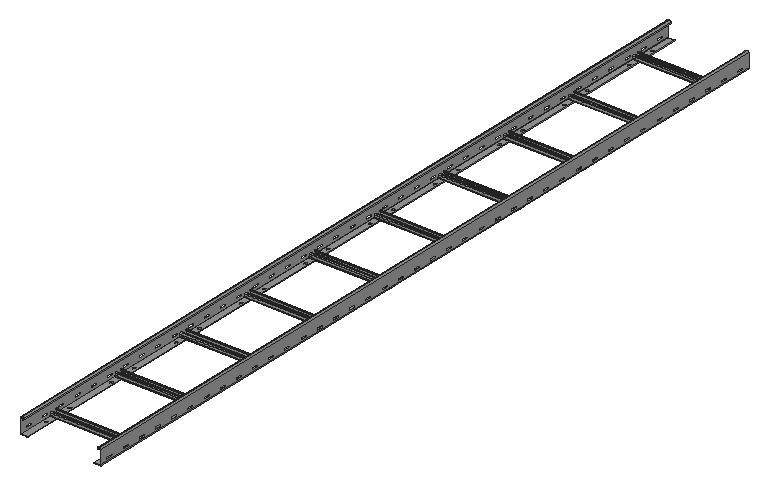
Revit family "Kabelleiter- LG630 VS 3 FS, FT, FT SO", category Generic Models, Revit 2017 (continued)
Dimensions and locks
  cut or joined group 1 (Extrusion 1, Extrusion 2, Extrusion 3, Extrusion 4, Extrusion 5, Extrusion 6, Extrusion 7, Extrusion 8, Extrusion 9, Extrusion 10, Extrusion 11, Extrusion 12, Extrusion 13, Extrusion 14, Extrusion 15, Extrusion 16, Extrusion 17, Extrusion 18, Extrusion 19, Extrusion 20, Extrusion 21, Extrusion 22, Extrusion 23, Extrusion 24, Extrusion 25, Extrusion 26, Extrusion 27, Extrusion 28, Extrusion 29, Extrusion 30, Extrusion 31, Extrusion 32, Extrusion 33, Extrusion 34, Extrusion 35, Extrusion 36, Extrusion 37, Extrusion 38, Extrusion 39, Extrusion 40, Extrusion 41, Extrusion 42, Extrusion 43, Extrusion 44, Extrusion 45, Extrusion 46, Extrusion 47, Extrusion 48, Extrusion 49, Extrusion 50, Extrusion 51, Extrusion 52, Extrusion 53, Extrusion 54, Extrusion 55, Extrusion 56, Extrusion 57, Extrusion 58, Extrusion 59, Extrusion 60, Extrusion 61, Extrusion 62, Extrusion 63, Extrusion 64, Extrusion 65, Extrusion 66, Extrusion 67, Extrusion 68, Extrusion 69, Extrusion 70, Extrusion 71, Extrusion 72, Extrusion 73, Extrusion 74, Extrusion 75, Extrusion 76, Extrusion 77, Extrusion 78, Extrusion 79, Extrusion 80, Extrusion 81, Extrusion 83, Extrusion 84, Extrusion 85, Extrusion 86, Extrusion 87, Extrusion 88, Extrusion 89, Extrusion 90, Extrusion 91, Extrusion 92, Extrusion 93, Extrusion 94, Extrusion 95, Extrusion 96, Extrusion 97, Extrusion 98, Extrusion 99, Extrusion 100, Extrusion 101, Extrusion 102, Extrusion 103, Extrusion 104, Extrusion 105, Extrusion 106, Extrusion 107, Extrusion 108, Extrusion 109, Extrusion 110, Extrusion 111, Extrusion 112, Extrusion 113, Extrusion 114, Extrusion 115, Extrusion 116, Extrusion 117, Extrusion 118, Extrusion 119, Extrusion 120, Extrusion 121, Extrusion 122) to plane 200 = 18 mm
  locked: cut or joined group 1 to plane 200 at 18
  equal spacing: group 101, group 102, group 103, group 104, group 105, group 106, group 107, group 108, group 109, group 110  (x3)
  equal spacing: group 111, group 112, group 113, group 114, group 115, group 116, group 117, group 118, group 119, group 120  (x3)
  locked: plane 201 to plane 202 at 50
  locked: Extrusion 123 sketch curve to plane 201 at 6.5
  plane 201 to Extrusion 123 sketch curve = 6.5 mm
  locked: Extrusion 123 sketch curve to Extrusion 123 sketch curve at 7  (x2)
  locked: Extrusion 123 sketch curve to plane 202 at 6.5
  Extrusion 123 sketch curve to plane 205 = 6.5 mm
  plane 206 to Extrusion 123 sketch curve = 6.5 mm
  locked: plane 209 to plane 210 at 50
  locked: Extrusion 126 sketch curve to plane 209 at 6.5
  plane 209 to Extrusion 126 sketch curve = 6.5 mm
  locked: Extrusion 126 sketch curve to Extrusion 126 sketch curve at 7  (x2)
  locked: Extrusion 126 sketch curve to plane 210 at 6.5
  Extrusion 126 sketch curve to plane 213 = 6.5 mm
  plane 214 to Extrusion 126 sketch curve = 6.5 mm
  equal spacing: group 122, group 123, group 124, group 125, group 126, group 127, group 128, group 129, group 130, group 131  (x3)
  locked: plane 216 to plane 217 at 50
  locked: Extrusion 128 sketch curve to plane 216 at 6.5
  plane 216 to Extrusion 128 sketch curve = 6.5 mm
  locked: Extrusion 128 sketch curve to Extrusion 128 sketch curve at 7  (x2)
  locked: Extrusion 128 sketch curve to plane 217 at 6.5
  Extrusion 128 sketch curve to plane 220 = 6.5 mm
  plane 221 to Extrusion 128 sketch curve = 6.5 mm
  locked: plane 223 to plane 224 at 50
  locked: Extrusion 130 sketch curve to plane 223 at 6.5
  plane 223 to Extrusion 130 sketch curve = 6.5 mm
  locked: Extrusion 130 sketch curve to Extrusion 130 sketch curve at 7  (x2)
  locked: Extrusion 130 sketch curve to plane 224 at 6.5
  Extrusion 130 sketch curve to plane 227 = 6.5 mm
  plane 228 to Extrusion 130 sketch curve = 6.5 mm
  locked: plane 230 to plane 231 at 50
  locked: Extrusion 132 sketch curve to plane 230 at 6.5
  plane 230 to Extrusion 132 sketch curve = 6.5 mm
  locked: Extrusion 132 sketch curve to Extrusion 132 sketch curve at 7  (x2)
  locked: Extrusion 132 sketch curve to plane 231 at 6.5
  Extrusion 132 sketch curve to plane 234 = 6.5 mm
  plane 235 to Extrusion 132 sketch curve = 6.5 mm
  locked: plane 237 to plane 238 at 50
  locked: Extrusion 134 sketch curve to plane 237 at 6.5
  plane 237 to Extrusion 134 sketch curve = 6.5 mm
  locked: Extrusion 134 sketch curve to Extrusion 134 sketch curve at 7  (x2)
  locked: Extrusion 134 sketch curve to plane 238 at 6.5
  Extrusion 134 sketch curve to plane 241 = 6.5 mm
  plane 242 to Extrusion 134 sketch curve = 6.5 mm
  locked: plane 244 to plane 245 at 50
  locked: Extrusion 136 sketch curve to plane 244 at 6.5
  plane 244 to Extrusion 136 sketch curve = 6.5 mm
  locked: Extrusion 136 sketch curve to Extrusion 136 sketch curve at 7  (x2)
  locked: Extrusion 136 sketch curve to plane 245 at 6.5
  Extrusion 136 sketch curve to plane 248 = 6.5 mm
  plane 249 to Extrusion 136 sketch curve = 6.5 mm
  locked: plane 251 to plane 252 at 50
  locked: Extrusion 138 sketch curve to plane 251 at 6.5
  plane 251 to Extrusion 138 sketch curve = 6.5 mm
  locked: Extrusion 138 sketch curve to Extrusion 138 sketch curve at 7  (x2)
  locked: Extrusion 138 sketch curve to plane 252 at 6.5
  Extrusion 138 sketch curve to plane 255 = 6.5 mm
  plane 256 to Extrusion 138 sketch curve = 6.5 mm
  locked: plane 258 to plane 259 at 50
  locked: Extrusion 140 sketch curve to plane 258 at 6.5
  plane 258 to Extrusion 140 sketch curve = 6.5 mm
  locked: Extrusion 140 sketch curve to Extrusion 140 sketch curve at 7  (x2)
  locked: Extrusion 140 sketch curve to plane 259 at 6.5
  Extrusion 140 sketch curve to plane 262 = 6.5 mm
  plane 263 to Extrusion 140 sketch curve = 6.5 mm
  locked: plane 265 to plane 266 at 50
  locked: Extrusion 142 sketch curve to plane 265 at 6.5
  plane 265 to Extrusion 142 sketch curve = 6.5 mm
  locked: Extrusion 142 sketch curve to Extrusion 142 sketch curve at 7  (x2)
  locked: Extrusion 142 sketch curve to plane 266 at 6.5
  Extrusion 142 sketch curve to plane 269 = 6.5 mm
  plane 270 to Extrusion 142 sketch curve = 6.5 mm
  aligned and locked: level to plane 2
  aligned and locked: Extrusion 1 sketch curve to plane 5
  aligned and locked: Extrusion 1 sketch curve to plane 6
  aligned and locked: plane 1 "Center (Front/Back)" to Extrusion 1
  aligned and locked: Extrusion 1 to Extrusion 2  (x2)
  aligned and locked: Extrusion 1 to Extrusion 3  (x2)
  aligned and locked: Extrusion 82 to cut or joined group 1  (x2)
  aligned and locked: Extrusion 1 to Extrusion 83
  aligned and locked: Extrusion 84 to level
  aligned and locked: plane 197 to plane 175
  aligned and locked: plane 198 to plane 176
  aligned and locked: plane 200 to plane 199
  aligned and locked: Extrusion 1 to Extrusion 103
  aligned and locked: Extrusion 1 to Extrusion 113
  aligned and locked: Extrusion 123 sketch curve to Extrusion 123 sketch curve  (x5)
  aligned and locked: Extrusion 123 to level
  aligned and locked: cut or joined group of Extrusion 82, Extrusion 123, Extrusion 126 to cut or joined group of Extrusion 82, Extrusion 123, Extrusion 126  (x2)
  aligned and locked: level to cut or joined group of Extrusion 82, Extrusion 123, Extrusion 126
  aligned and locked: Extrusion 126 sketch curve to Extrusion 126 sketch curve  (x5)
  aligned and locked: Extrusion 128 sketch curve to Extrusion 128 sketch curve  (x5)
  aligned and locked: Extrusion 130 sketch curve to Extrusion 130 sketch curve  (x5)
  aligned and locked: Extrusion 132 sketch curve to Extrusion 132 sketch curve  (x5)
  aligned and locked: Extrusion 134 sketch curve to Extrusion 134 sketch curve  (x5)
  aligned and locked: Extrusion 136 sketch curve to Extrusion 136 sketch curve  (x5)
  aligned and locked: Extrusion 138 sketch curve to Extrusion 138 sketch curve  (x5)
  aligned and locked: Extrusion 140 sketch curve to Extrusion 140 sketch curve  (x5)
  aligned and locked: Extrusion 142 sketch curve to Extrusion 142 sketch curve  (x5)
Automatic sketch dimensions
  Extrusion 1 sketch curve to level = 0 mm  (x2)
  plane 5 to Extrusion 1 sketch curve = 3.005 mm
  Extrusion 1 sketch curve to Extrusion 1 sketch curve = 3.038 mm
  Extrusion 1 sketch curve to Extrusion 1 sketch curve = 2.5 mm  (x2)
  level to Extrusion 1 sketch curve = 1.5 mm
  Extrusion 1 sketch curve to Extrusion 1 sketch curve = 0 mm  (x8)
  Extrusion 1 sketch curve to Extrusion 1 sketch curve = 1.5 mm
  Extrusion 2 sketch curve to plane 11 = 1 mm  (x2)
  Extrusion 2 sketch curve to Extrusion 2 sketch curve = 1 mm  (x2)
  Extrusion 2 sketch curve to plane 11 = 0 mm
  Extrusion 3 sketch curve to Extrusion 3 sketch curve = 0.653 mm  (x2)
  Extrusion 3 sketch curve to Extrusion 3 sketch curve = 1 mm  (x2)
  Extrusion 3 sketch curve to plane 15 = 3.847 mm
  Extrusion 4 sketch curve to Extrusion 4 sketch curve = 0.653 mm  (x2)
  Extrusion 4 sketch curve to Extrusion 4 sketch curve = 1 mm  (x2)
  Extrusion 4 sketch curve to plane 16 = 3.847 mm
  Extrusion 5 sketch curve to Extrusion 5 sketch curve = 0.653 mm  (x2)
  Extrusion 5 sketch curve to Extrusion 5 sketch curve = 1 mm  (x2)
  Extrusion 5 sketch curve to plane 17 = 3.847 mm
  Extrusion 6 sketch curve to Extrusion 6 sketch curve = 0.653 mm  (x2)
  Extrusion 6 sketch curve to Extrusion 6 sketch curve = 1 mm  (x2)
  Extrusion 6 sketch curve to plane 18 = 3.847 mm
  Extrusion 7 sketch curve to Extrusion 7 sketch curve = 0.653 mm  (x2)
  Extrusion 7 sketch curve to Extrusion 7 sketch curve = 1 mm  (x2)
  Extrusion 7 sketch curve to plane 19 = 3.847 mm
  Extrusion 8 sketch curve to Extrusion 8 sketch curve = 0.653 mm  (x2)
  Extrusion 8 sketch curve to Extrusion 8 sketch curve = 1 mm  (x2)
  Extrusion 8 sketch curve to plane 20 = 3.847 mm
  Extrusion 9 sketch curve to Extrusion 9 sketch curve = 0.653 mm  (x2)
  Extrusion 9 sketch curve to Extrusion 9 sketch curve = 1 mm  (x2)
  Extrusion 9 sketch curve to plane 21 = 3.847 mm
  Extrusion 10 sketch curve to Extrusion 10 sketch curve = 0.653 mm  (x2)
  Extrusion 10 sketch curve to Extrusion 10 sketch curve = 1 mm  (x2)
  Extrusion 10 sketch curve to plane 22 = 3.847 mm
  Extrusion 11 sketch curve to Extrusion 11 sketch curve = 0.653 mm  (x2)
  Extrusion 11 sketch curve to Extrusion 11 sketch curve = 1 mm  (x2)
  Extrusion 11 sketch curve to plane 23 = 3.847 mm
  Extrusion 12 sketch curve to Extrusion 12 sketch curve = 0.653 mm  (x2)
  Extrusion 12 sketch curve to Extrusion 12 sketch curve = 1 mm  (x2)
  Extrusion 12 sketch curve to plane 24 = 3.847 mm
  Extrusion 13 sketch curve to Extrusion 13 sketch curve = 0.653 mm  (x2)
  Extrusion 13 sketch curve to Extrusion 13 sketch curve = 1 mm  (x2)
  Extrusion 13 sketch curve to plane 25 = 3.847 mm
  Extrusion 14 sketch curve to Extrusion 14 sketch curve = 0.653 mm  (x2)
  Extrusion 14 sketch curve to Extrusion 14 sketch curve = 1 mm  (x2)
  Extrusion 14 sketch curve to plane 26 = 3.847 mm
  Extrusion 15 sketch curve to Extrusion 15 sketch curve = 0.653 mm  (x2)
  Extrusion 15 sketch curve to Extrusion 15 sketch curve = 1 mm  (x2)
  Extrusion 15 sketch curve to plane 27 = 3.847 mm
  Extrusion 16 sketch curve to Extrusion 16 sketch curve = 0.653 mm  (x2)
  Extrusion 16 sketch curve to Extrusion 16 sketch curve = 1 mm  (x2)
  Extrusion 16 sketch curve to plane 28 = 3.847 mm
  Extrusion 17 sketch curve to Extrusion 17 sketch curve = 0.653 mm  (x2)
  Extrusion 17 sketch curve to Extrusion 17 sketch curve = 1 mm  (x2)
  Extrusion 17 sketch curve to plane 29 = 3.847 mm
  Extrusion 18 sketch curve to Extrusion 18 sketch curve = 0.653 mm  (x2)
  Extrusion 18 sketch curve to Extrusion 18 sketch curve = 1 mm  (x2)
  Extrusion 18 sketch curve to plane 30 = 3.847 mm
  Extrusion 19 sketch curve to Extrusion 19 sketch curve = 0.653 mm  (x2)
  Extrusion 19 sketch curve to Extrusion 19 sketch curve = 1 mm  (x2)
  Extrusion 19 sketch curve to plane 31 = 3.847 mm
  Extrusion 20 sketch curve to Extrusion 20 sketch curve = 0.653 mm  (x2)
  Extrusion 20 sketch curve to Extrusion 20 sketch curve = 1 mm  (x2)
  Extrusion 20 sketch curve to plane 32 = 3.847 mm
  Extrusion 21 sketch curve to Extrusion 21 sketch curve = 0.653 mm  (x2)
  Extrusion 21 sketch curve to Extrusion 21 sketch curve = 1 mm  (x2)
  Extrusion 21 sketch curve to plane 33 = 3.847 mm
  Extrusion 22 sketch curve to Extrusion 22 sketch curve = 0.653 mm  (x2)
  Extrusion 22 sketch curve to Extrusion 22 sketch curve = 1 mm  (x2)
  Extrusion 22 sketch curve to plane 34 = 3.847 mm
  Extrusion 23 sketch curve to Extrusion 23 sketch curve = 0.653 mm  (x2)
  Extrusion 23 sketch curve to Extrusion 23 sketch curve = 1 mm  (x2)
  Extrusion 23 sketch curve to plane 35 = 3.847 mm
  Extrusion 24 sketch curve to Extrusion 24 sketch curve = 0.653 mm  (x2)
  Extrusion 24 sketch curve to Extrusion 24 sketch curve = 1 mm  (x2)
  Extrusion 24 sketch curve to plane 36 = 3.847 mm
  Extrusion 25 sketch curve to Extrusion 25 sketch curve = 0.653 mm  (x2)
  Extrusion 25 sketch curve to Extrusion 25 sketch curve = 1 mm  (x2)
  Extrusion 25 sketch curve to plane 37 = 3.847 mm
  Extrusion 26 sketch curve to Extrusion 26 sketch curve = 0.653 mm  (x2)
  Extrusion 26 sketch curve to Extrusion 26 sketch curve = 1 mm  (x2)
  Extrusion 26 sketch curve to plane 38 = 3.847 mm
  Extrusion 27 sketch curve to Extrusion 27 sketch curve = 0.653 mm  (x2)
  Extrusion 27 sketch curve to Extrusion 27 sketch curve = 1 mm  (x2)
  Extrusion 27 sketch curve to plane 39 = 3.847 mm
  Extrusion 28 sketch curve to Extrusion 28 sketch curve = 0.653 mm  (x2)
  Extrusion 28 sketch curve to Extrusion 28 sketch curve = 1 mm  (x2)
  Extrusion 28 sketch curve to plane 40 = 3.847 mm
  Extrusion 29 sketch curve to Extrusion 29 sketch curve = 0.653 mm  (x2)
  Extrusion 29 sketch curve to Extrusion 29 sketch curve = 1 mm  (x2)
  Extrusion 29 sketch curve to plane 41 = 3.847 mm
  Extrusion 30 sketch curve to Extrusion 30 sketch curve = 0.653 mm  (x2)
  Extrusion 30 sketch curve to Extrusion 30 sketch curve = 1 mm  (x2)
  Extrusion 30 sketch curve to plane 42 = 3.847 mm
  Extrusion 31 sketch curve to Extrusion 31 sketch curve = 0.653 mm  (x2)
  Extrusion 31 sketch curve to Extrusion 31 sketch curve = 1 mm  (x2)
  Extrusion 31 sketch curve to plane 43 = 3.847 mm
  Extrusion 32 sketch curve to Extrusion 32 sketch curve = 0.653 mm  (x2)
  Extrusion 32 sketch curve to Extrusion 32 sketch curve = 1 mm  (x2)
  Extrusion 32 sketch curve to plane 44 = 3.847 mm
  Extrusion 33 sketch curve to Extrusion 33 sketch curve = 0.653 mm  (x2)
  Extrusion 33 sketch curve to Extrusion 33 sketch curve = 1 mm  (x2)
  Extrusion 33 sketch curve to plane 45 = 3.847 mm
  Extrusion 34 sketch curve to Extrusion 34 sketch curve = 0.653 mm  (x2)
  Extrusion 34 sketch curve to Extrusion 34 sketch curve = 1 mm  (x2)
  Extrusion 34 sketch curve to plane 46 = 3.847 mm
  Extrusion 35 sketch curve to Extrusion 35 sketch curve = 0.653 mm  (x2)
  Extrusion 35 sketch curve to Extrusion 35 sketch curve = 1 mm  (x2)
  Extrusion 35 sketch curve to plane 47 = 3.847 mm
  Extrusion 36 sketch curve to Extrusion 36 sketch curve = 0.653 mm  (x2)
  Extrusion 36 sketch curve to Extrusion 36 sketch curve = 1 mm  (x2)
  Extrusion 36 sketch curve to plane 48 = 3.847 mm
  Extrusion 37 sketch curve to Extrusion 37 sketch curve = 0.653 mm  (x2)
  Extrusion 37 sketch curve to Extrusion 37 sketch curve = 1 mm  (x2)
  Extrusion 37 sketch curve to plane 49 = 3.847 mm
  Extrusion 38 sketch curve to Extrusion 38 sketch curve = 0.653 mm  (x2)
  Extrusion 38 sketch curve to Extrusion 38 sketch curve = 1 mm  (x2)
  Extrusion 38 sketch curve to plane 50 = 3.847 mm
  Extrusion 39 sketch curve to Extrusion 39 sketch curve = 0.653 mm  (x2)
  Extrusion 39 sketch curve to Extrusion 39 sketch curve = 1 mm  (x2)
  Extrusion 39 sketch curve to plane 51 = 3.847 mm
  Extrusion 40 sketch curve to Extrusion 40 sketch curve = 0.653 mm  (x2)
  Extrusion 40 sketch curve to Extrusion 40 sketch curve = 1 mm  (x2)
  Extrusion 40 sketch curve to plane 52 = 3.847 mm
  Extrusion 41 sketch curve to Extrusion 41 sketch curve = 0.653 mm  (x2)
  Extrusion 41 sketch curve to Extrusion 41 sketch curve = 1 mm  (x2)
  Extrusion 41 sketch curve to plane 53 = 3.847 mm
  Extrusion 42 sketch curve to Extrusion 42 sketch curve = 0.653 mm  (x2)
  Extrusion 42 sketch curve to Extrusion 42 sketch curve = 1 mm  (x2)
  Extrusion 42 sketch curve to plane 54 = 3.847 mm
  Extrusion 43 sketch curve to plane 57 = 1 mm  (x2)
  Extrusion 43 sketch curve to Extrusion 43 sketch curve = 1 mm  (x2)
  Extrusion 43 sketch curve to plane 57 = 0 mm
  Extrusion 44 sketch curve to plane 60 = 1 mm  (x2)
  Extrusion 44 sketch curve to Extrusion 44 sketch curve = 1 mm  (x2)
  Extrusion 44 sketch curve to plane 60 = 0 mm
  Extrusion 45 sketch curve to plane 63 = 1 mm  (x2)
  Extrusion 45 sketch curve to Extrusion 45 sketch curve = 1 mm  (x2)
  Extrusion 45 sketch curve to plane 63 = 0 mm
  Extrusion 46 sketch curve to plane 66 = 1 mm  (x2)
  Extrusion 46 sketch curve to Extrusion 46 sketch curve = 1 mm  (x2)
  Extrusion 46 sketch curve to plane 66 = 0 mm
  Extrusion 47 sketch curve to plane 69 = 1 mm  (x2)
  Extrusion 47 sketch curve to Extrusion 47 sketch curve = 1 mm  (x2)
  Extrusion 47 sketch curve to plane 69 = 0 mm
  Extrusion 48 sketch curve to plane 72 = 1 mm  (x2)
  Extrusion 48 sketch curve to Extrusion 48 sketch curve = 1 mm  (x2)
  Extrusion 48 sketch curve to plane 72 = 0 mm
  Extrusion 49 sketch curve to plane 75 = 1 mm  (x2)
  Extrusion 49 sketch curve to Extrusion 49 sketch curve = 1 mm  (x2)
  Extrusion 49 sketch curve to plane 75 = 0 mm
  Extrusion 50 sketch curve to plane 78 = 1 mm  (x2)
  Extrusion 50 sketch curve to Extrusion 50 sketch curve = 1 mm  (x2)
  Extrusion 50 sketch curve to plane 78 = 0 mm
  Extrusion 51 sketch curve to plane 81 = 1 mm  (x2)
  Extrusion 51 sketch curve to Extrusion 51 sketch curve = 1 mm  (x2)
  Extrusion 51 sketch curve to plane 81 = 0 mm
  Extrusion 52 sketch curve to plane 84 = 1 mm  (x2)
  Extrusion 52 sketch curve to Extrusion 52 sketch curve = 1 mm  (x2)
  Extrusion 52 sketch curve to plane 84 = 0 mm
  Extrusion 53 sketch curve to plane 87 = 1 mm  (x2)
  Extrusion 53 sketch curve to Extrusion 53 sketch curve = 1 mm  (x2)
  Extrusion 53 sketch curve to plane 87 = 0 mm
  Extrusion 54 sketch curve to plane 90 = 1 mm  (x2)
  Extrusion 54 sketch curve to Extrusion 54 sketch curve = 1 mm  (x2)
  Extrusion 54 sketch curve to plane 90 = 0 mm
  Extrusion 55 sketch curve to plane 93 = 1 mm  (x2)
  Extrusion 55 sketch curve to Extrusion 55 sketch curve = 1 mm  (x2)
  Extrusion 55 sketch curve to plane 93 = 0 mm
  Extrusion 56 sketch curve to plane 96 = 1 mm  (x2)
  Extrusion 56 sketch curve to Extrusion 56 sketch curve = 1 mm  (x2)
  Extrusion 56 sketch curve to plane 96 = 0 mm
  Extrusion 57 sketch curve to plane 99 = 1 mm  (x2)
  Extrusion 57 sketch curve to Extrusion 57 sketch curve = 1 mm  (x2)
  Extrusion 57 sketch curve to plane 99 = 0 mm
  Extrusion 58 sketch curve to plane 102 = 1 mm  (x2)
  Extrusion 58 sketch curve to Extrusion 58 sketch curve = 1 mm  (x2)
  Extrusion 58 sketch curve to plane 102 = 0 mm
  Extrusion 59 sketch curve to plane 105 = 1 mm  (x2)
  Extrusion 59 sketch curve to Extrusion 59 sketch curve = 1 mm  (x2)
  Extrusion 59 sketch curve to plane 105 = 0 mm
  Extrusion 60 sketch curve to plane 108 = 1 mm  (x2)
  Extrusion 60 sketch curve to Extrusion 60 sketch curve = 1 mm  (x2)
  Extrusion 60 sketch curve to plane 108 = 0 mm
  Extrusion 61 sketch curve to plane 111 = 1 mm  (x2)
  Extrusion 61 sketch curve to Extrusion 61 sketch curve = 1 mm  (x2)
  Extrusion 61 sketch curve to plane 111 = 0 mm
  Extrusion 62 sketch curve to plane 114 = 1 mm  (x2)
  Extrusion 62 sketch curve to Extrusion 62 sketch curve = 1 mm  (x2)
  Extrusion 62 sketch curve to plane 114 = 0 mm
  Extrusion 63 sketch curve to plane 117 = 1 mm  (x2)
  Extrusion 63 sketch curve to Extrusion 63 sketch curve = 1 mm  (x2)
  Extrusion 63 sketch curve to plane 117 = 0 mm
  Extrusion 64 sketch curve to plane 120 = 1 mm  (x2)
  Extrusion 64 sketch curve to Extrusion 64 sketch curve = 1 mm  (x2)
  Extrusion 64 sketch curve to plane 120 = 0 mm
  Extrusion 65 sketch curve to plane 123 = 1 mm  (x2)
  Extrusion 65 sketch curve to Extrusion 65 sketch curve = 1 mm  (x2)
  Extrusion 65 sketch curve to plane 123 = 0 mm
  Extrusion 66 sketch curve to plane 126 = 1 mm  (x2)
  Extrusion 66 sketch curve to Extrusion 66 sketch curve = 1 mm  (x2)
  Extrusion 66 sketch curve to plane 126 = 0 mm
  Extrusion 67 sketch curve to plane 129 = 1 mm  (x2)
  Extrusion 67 sketch curve to Extrusion 67 sketch curve = 1 mm  (x2)
  Extrusion 67 sketch curve to plane 129 = 0 mm
  Extrusion 68 sketch curve to plane 132 = 1 mm  (x2)
  Extrusion 68 sketch curve to Extrusion 68 sketch curve = 1 mm  (x2)
  Extrusion 68 sketch curve to plane 132 = 0 mm
  Extrusion 69 sketch curve to plane 135 = 1 mm  (x2)
  Extrusion 69 sketch curve to Extrusion 69 sketch curve = 1 mm  (x2)
  Extrusion 69 sketch curve to plane 135 = 0 mm
  Extrusion 70 sketch curve to plane 138 = 1 mm  (x2)
  Extrusion 70 sketch curve to Extrusion 70 sketch curve = 1 mm  (x2)
  Extrusion 70 sketch curve to plane 138 = 0 mm
  Extrusion 71 sketch curve to plane 141 = 1 mm  (x2)
  Extrusion 71 sketch curve to Extrusion 71 sketch curve = 1 mm  (x2)
  Extrusion 71 sketch curve to plane 141 = 0 mm
  Extrusion 72 sketch curve to plane 144 = 1 mm  (x2)
  Extrusion 72 sketch curve to Extrusion 72 sketch curve = 1 mm  (x2)
  Extrusion 72 sketch curve to plane 144 = 0 mm
  Extrusion 73 sketch curve to plane 147 = 1 mm  (x2)
  Extrusion 73 sketch curve to Extrusion 73 sketch curve = 1 mm  (x2)
  Extrusion 73 sketch curve to plane 147 = 0 mm
  Extrusion 74 sketch curve to plane 150 = 1 mm  (x2)
  Extrusion 74 sketch curve to Extrusion 74 sketch curve = 1 mm  (x2)
  Extrusion 74 sketch curve to plane 150 = 0 mm
  Extrusion 75 sketch curve to plane 153 = 1 mm  (x2)
  Extrusion 75 sketch curve to Extrusion 75 sketch curve = 1 mm  (x2)
  Extrusion 75 sketch curve to plane 153 = 0 mm
  Extrusion 76 sketch curve to plane 156 = 1 mm  (x2)
  Extrusion 76 sketch curve to Extrusion 76 sketch curve = 1 mm  (x2)
  Extrusion 76 sketch curve to plane 156 = 0 mm
  Extrusion 77 sketch curve to plane 159 = 1 mm  (x2)
  Extrusion 77 sketch curve to Extrusion 77 sketch curve = 1 mm  (x2)
  Extrusion 77 sketch curve to plane 159 = 0 mm
  Extrusion 78 sketch curve to plane 162 = 1 mm  (x2)
  Extrusion 78 sketch curve to Extrusion 78 sketch curve = 1 mm  (x2)
  Extrusion 78 sketch curve to plane 162 = 0 mm
  Extrusion 79 sketch curve to plane 165 = 1 mm  (x2)
  Extrusion 79 sketch curve to Extrusion 79 sketch curve = 1 mm  (x2)
  Extrusion 79 sketch curve to plane 165 = 0 mm
  Extrusion 80 sketch curve to plane 168 = 1 mm  (x2)
  Extrusion 80 sketch curve to Extrusion 80 sketch curve = 1 mm  (x2)
  Extrusion 80 sketch curve to plane 168 = 0 mm
  Extrusion 81 sketch curve to plane 171 = 1 mm  (x2)
  Extrusion 81 sketch curve to Extrusion 81 sketch curve = 1 mm  (x2)
  Extrusion 81 sketch curve to plane 171 = 0 mm
  Extrusion 82 sketch curve to Extrusion 82 sketch curve = 0 mm  (x13)
  Extrusion 82 sketch curve to plane 173 = 0 mm  (x2)
  Extrusion 82 sketch curve to Extrusion 82 sketch curve = 1.5 mm  (x3)
  Extrusion 82 sketch curve to Extrusion 82 sketch curve = 3.5 mm  (x2)
  Extrusion 82 sketch curve to plane 173 = 3 mm
  Extrusion 82 sketch curve to Extrusion 82 sketch curve = 17 mm
  Extrusion 82 sketch curve to Extrusion 82 sketch curve = 9 mm
  Extrusion 83 sketch curve to plane 177 = 0.021 mm
  plane 178 to Extrusion 84 sketch curve = 0.05 mm
  Extrusion 85 sketch curve to plane 179 = 0.021 mm
  Extrusion 86 sketch curve to plane 180 = 0.021 mm
  Extrusion 87 sketch curve to plane 181 = 0.021 mm
  Extrusion 88 sketch curve to plane 182 = 0.021 mm
  Extrusion 89 sketch curve to plane 183 = 0.021 mm
  Extrusion 90 sketch curve to plane 184 = 0.021 mm
  Extrusion 91 sketch curve to plane 185 = 0.021 mm
  Extrusion 92 sketch curve to plane 186 = 0.021 mm
  Extrusion 93 sketch curve to plane 187 = 0.021 mm
  plane 188 to Extrusion 94 sketch curve = 0.05 mm
  plane 189 to Extrusion 95 sketch curve = 0.05 mm
  plane 190 to Extrusion 96 sketch curve = 0.05 mm
  plane 191 to Extrusion 97 sketch curve = 0.05 mm
  plane 192 to Extrusion 98 sketch curve = 0.05 mm
  plane 193 to Extrusion 99 sketch curve = 0.05 mm
  plane 194 to Extrusion 100 sketch curve = 0.05 mm
  plane 195 to Extrusion 101 sketch curve = 0.05 mm
  plane 196 to Extrusion 102 sketch curve = 0.05 mm
  Extrusion 123 sketch curve to plane 206 = 6.5 mm
  plane 205 to Extrusion 123 sketch curve = 6.5 mm
  plane 202 to Extrusion 123 sketch curve = 6.5 mm
  Extrusion 124 sketch curve to Extrusion 124 sketch curve = 0 mm  (x13)
  Extrusion 124 sketch curve to plane 207 = 0 mm  (x2)
  Extrusion 124 sketch curve to Extrusion 124 sketch curve = 1.5 mm  (x3)
  Extrusion 124 sketch curve to Extrusion 124 sketch curve = 3.5 mm  (x2)
  Extrusion 124 sketch curve to plane 207 = 3 mm
  Extrusion 124 sketch curve to Extrusion 124 sketch curve = 17 mm
  Extrusion 124 sketch curve to Extrusion 124 sketch curve = 9 mm
  Extrusion 123 sketch curve to Extrusion 123 sketch curve = 37 mm
  Extrusion 123 sketch curve to Extrusion 123 sketch curve = 13 mm
  Extrusion 123 sketch curve to Extrusion 123 sketch curve = 7 mm  (x2)
  Extrusion 125 sketch curve to Extrusion 125 sketch curve = 0 mm  (x13)
  Extrusion 125 sketch curve to plane 208 = 0 mm  (x2)
  Extrusion 125 sketch curve to Extrusion 125 sketch curve = 1.5 mm  (x3)
  Extrusion 125 sketch curve to Extrusion 125 sketch curve = 3.5 mm  (x2)
  Extrusion 125 sketch curve to plane 208 = 3 mm
  Extrusion 125 sketch curve to Extrusion 125 sketch curve = 17 mm
  Extrusion 125 sketch curve to Extrusion 125 sketch curve = 9 mm
  Extrusion 126 sketch curve to plane 214 = 6.5 mm
  plane 213 to Extrusion 126 sketch curve = 6.5 mm
  plane 210 to Extrusion 126 sketch curve = 6.5 mm
  Extrusion 126 sketch curve to Extrusion 126 sketch curve = 37 mm
  Extrusion 126 sketch curve to Extrusion 126 sketch curve = 13 mm
  Extrusion 126 sketch curve to Extrusion 126 sketch curve = 7 mm  (x2)
  Extrusion 127 sketch curve to Extrusion 127 sketch curve = 0 mm  (x13)
  Extrusion 127 sketch curve to plane 215 = 0 mm  (x2)
  Extrusion 127 sketch curve to Extrusion 127 sketch curve = 1.5 mm  (x3)
  Extrusion 127 sketch curve to Extrusion 127 sketch curve = 3.5 mm  (x2)
  Extrusion 127 sketch curve to plane 215 = 3 mm
  Extrusion 127 sketch curve to Extrusion 127 sketch curve = 17 mm
  Extrusion 127 sketch curve to Extrusion 127 sketch curve = 9 mm
  Extrusion 128 sketch curve to plane 221 = 6.5 mm
  plane 220 to Extrusion 128 sketch curve = 6.5 mm
  plane 217 to Extrusion 128 sketch curve = 6.5 mm
  Extrusion 128 sketch curve to Extrusion 128 sketch curve = 37 mm
  Extrusion 128 sketch curve to Extrusion 128 sketch curve = 13 mm
  Extrusion 128 sketch curve to Extrusion 128 sketch curve = 7 mm  (x2)
  Extrusion 129 sketch curve to Extrusion 129 sketch curve = 0 mm  (x13)
  Extrusion 129 sketch curve to plane 222 = 0 mm  (x2)
  Extrusion 129 sketch curve to Extrusion 129 sketch curve = 1.5 mm  (x3)
  Extrusion 129 sketch curve to Extrusion 129 sketch curve = 3.5 mm  (x2)
  Extrusion 129 sketch curve to plane 222 = 3 mm
  Extrusion 129 sketch curve to Extrusion 129 sketch curve = 17 mm
  Extrusion 129 sketch curve to Extrusion 129 sketch curve = 9 mm
  Extrusion 130 sketch curve to plane 228 = 6.5 mm
  plane 227 to Extrusion 130 sketch curve = 6.5 mm
  plane 224 to Extrusion 130 sketch curve = 6.5 mm
  Extrusion 130 sketch curve to Extrusion 130 sketch curve = 37 mm
  Extrusion 130 sketch curve to Extrusion 130 sketch curve = 13 mm
  Extrusion 130 sketch curve to Extrusion 130 sketch curve = 7 mm  (x2)
  Extrusion 131 sketch curve to Extrusion 131 sketch curve = 0 mm  (x13)
  Extrusion 131 sketch curve to plane 229 = 0 mm  (x2)
  Extrusion 131 sketch curve to Extrusion 131 sketch curve = 1.5 mm  (x3)
  Extrusion 131 sketch curve to Extrusion 131 sketch curve = 3.5 mm  (x2)
  Extrusion 131 sketch curve to plane 229 = 3 mm
  Extrusion 131 sketch curve to Extrusion 131 sketch curve = 17 mm
  Extrusion 131 sketch curve to Extrusion 131 sketch curve = 9 mm
  Extrusion 132 sketch curve to plane 235 = 6.5 mm
  plane 234 to Extrusion 132 sketch curve = 6.5 mm
  plane 231 to Extrusion 132 sketch curve = 6.5 mm
  Extrusion 132 sketch curve to Extrusion 132 sketch curve = 37 mm
  Extrusion 132 sketch curve to Extrusion 132 sketch curve = 13 mm
  Extrusion 132 sketch curve to Extrusion 132 sketch curve = 7 mm  (x2)
  Extrusion 133 sketch curve to Extrusion 133 sketch curve = 0 mm  (x13)
  Extrusion 133 sketch curve to plane 236 = 0 mm  (x2)
  Extrusion 133 sketch curve to Extrusion 133 sketch curve = 1.5 mm  (x3)
  Extrusion 133 sketch curve to Extrusion 133 sketch curve = 3.5 mm  (x2)
  Extrusion 133 sketch curve to plane 236 = 3 mm
  Extrusion 133 sketch curve to Extrusion 133 sketch curve = 17 mm
  Extrusion 133 sketch curve to Extrusion 133 sketch curve = 9 mm
  Extrusion 134 sketch curve to plane 242 = 6.5 mm
  plane 241 to Extrusion 134 sketch curve = 6.5 mm
  plane 238 to Extrusion 134 sketch curve = 6.5 mm
  Extrusion 134 sketch curve to Extrusion 134 sketch curve = 37 mm
  Extrusion 134 sketch curve to Extrusion 134 sketch curve = 13 mm
  Extrusion 134 sketch curve to Extrusion 134 sketch curve = 7 mm  (x2)
  Extrusion 135 sketch curve to Extrusion 135 sketch curve = 0 mm  (x13)
  Extrusion 135 sketch curve to plane 243 = 0 mm  (x2)
  Extrusion 135 sketch curve to Extrusion 135 sketch curve = 1.5 mm  (x3)
  Extrusion 135 sketch curve to Extrusion 135 sketch curve = 3.5 mm  (x2)
  Extrusion 135 sketch curve to plane 243 = 3 mm
  Extrusion 135 sketch curve to Extrusion 135 sketch curve = 17 mm
  Extrusion 135 sketch curve to Extrusion 135 sketch curve = 9 mm
  Extrusion 136 sketch curve to plane 249 = 6.5 mm
  plane 248 to Extrusion 136 sketch curve = 6.5 mm
  plane 245 to Extrusion 136 sketch curve = 6.5 mm
  Extrusion 136 sketch curve to Extrusion 136 sketch curve = 37 mm
  Extrusion 136 sketch curve to Extrusion 136 sketch curve = 13 mm
  Extrusion 136 sketch curve to Extrusion 136 sketch curve = 7 mm  (x2)
  Extrusion 137 sketch curve to Extrusion 137 sketch curve = 0 mm  (x13)
  Extrusion 137 sketch curve to plane 250 = 0 mm  (x2)
  Extrusion 137 sketch curve to Extrusion 137 sketch curve = 1.5 mm  (x3)
  Extrusion 137 sketch curve to Extrusion 137 sketch curve = 3.5 mm  (x2)
  Extrusion 137 sketch curve to plane 250 = 3 mm
  Extrusion 137 sketch curve to Extrusion 137 sketch curve = 17 mm
  Extrusion 137 sketch curve to Extrusion 137 sketch curve = 9 mm
  Extrusion 138 sketch curve to plane 256 = 6.5 mm
  plane 255 to Extrusion 138 sketch curve = 6.5 mm
  plane 252 to Extrusion 138 sketch curve = 6.5 mm
  Extrusion 138 sketch curve to Extrusion 138 sketch curve = 37 mm
  Extrusion 138 sketch curve to Extrusion 138 sketch curve = 13 mm
  Extrusion 138 sketch curve to Extrusion 138 sketch curve = 7 mm  (x2)
  Extrusion 139 sketch curve to Extrusion 139 sketch curve = 0 mm  (x13)
  Extrusion 139 sketch curve to plane 257 = 0 mm  (x2)
  Extrusion 139 sketch curve to Extrusion 139 sketch curve = 1.5 mm  (x3)
  Extrusion 139 sketch curve to Extrusion 139 sketch curve = 3.5 mm  (x2)
  Extrusion 139 sketch curve to plane 257 = 3 mm
  Extrusion 139 sketch curve to Extrusion 139 sketch curve = 17 mm
  Extrusion 139 sketch curve to Extrusion 139 sketch curve = 9 mm
  Extrusion 140 sketch curve to plane 263 = 6.5 mm
  plane 262 to Extrusion 140 sketch curve = 6.5 mm
  plane 259 to Extrusion 140 sketch curve = 6.5 mm
  Extrusion 140 sketch curve to Extrusion 140 sketch curve = 37 mm
  Extrusion 140 sketch curve to Extrusion 140 sketch curve = 13 mm
  Extrusion 140 sketch curve to Extrusion 140 sketch curve = 7 mm  (x2)
  Extrusion 141 sketch curve to Extrusion 141 sketch curve = 0 mm  (x13)
  Extrusion 141 sketch curve to plane 264 = 0 mm  (x2)
  Extrusion 141 sketch curve to Extrusion 141 sketch curve = 1.5 mm  (x3)
  Extrusion 141 sketch curve to Extrusion 141 sketch curve = 3.5 mm  (x2)
  Extrusion 141 sketch curve to plane 264 = 3 mm
  Extrusion 141 sketch curve to Extrusion 141 sketch curve = 17 mm
  Extrusion 141 sketch curve to Extrusion 141 sketch curve = 9 mm
  Extrusion 142 sketch curve to plane 270 = 6.5 mm
  plane 269 to Extrusion 142 sketch curve = 6.5 mm
  plane 266 to Extrusion 142 sketch curve = 6.5 mm
  Extrusion 142 sketch curve to Extrusion 142 sketch curve = 37 mm
  Extrusion 142 sketch curve to Extrusion 142 sketch curve = 13 mm
  Extrusion 142 sketch curve to Extrusion 142 sketch curve = 7 mm  (x2)
  radius of Extrusion 83 sketch curve = 4.5 mm
  radius of Extrusion 84 sketch curve = 4.5 mm
  radius of Extrusion 85 sketch curve = 4.5 mm
  radius of Extrusion 86 sketch curve = 4.5 mm
  radius of Extrusion 87 sketch curve = 4.5 mm
  radius of Extrusion 88 sketch curve = 4.5 mm
  radius of Extrusion 89 sketch curve = 4.5 mm
  radius of Extrusion 90 sketch curve = 4.5 mm
  radius of Extrusion 91 sketch curve = 4.5 mm
  radius of Extrusion 92 sketch curve = 4.5 mm
  radius of Extrusion 93 sketch curve = 4.5 mm
  radius of Extrusion 94 sketch curve = 4.5 mm
  radius of Extrusion 95 sketch curve = 4.5 mm
  radius of Extrusion 96 sketch curve = 4.5 mm
  radius of Extrusion 97 sketch curve = 4.5 mm
  radius of Extrusion 98 sketch curve = 4.5 mm
  radius of Extrusion 99 sketch curve = 4.5 mm
  radius of Extrusion 100 sketch curve = 4.5 mm
  radius of Extrusion 101 sketch curve = 4.5 mm
  radius of Extrusion 102 sketch curve = 4.5 mm
  radius of Extrusion 103 sketch curve = 4.5 mm
  radius of Extrusion 104 sketch curve = 4.5 mm
  radius of Extrusion 105 sketch curve = 4.5 mm
  radius of Extrusion 106 sketch curve = 4.5 mm
  radius of Extrusion 107 sketch curve = 4.5 mm
  radius of Extrusion 108 sketch curve = 4.5 mm
  radius of Extrusion 109 sketch curve = 4.5 mm
  radius of Extrusion 110 sketch curve = 4.5 mm
  radius of Extrusion 111 sketch curve = 4.5 mm
  radius of Extrusion 112 sketch curve = 4.5 mm
  radius of Extrusion 113 sketch curve = 4.5 mm
  radius of Extrusion 114 sketch curve = 4.5 mm
  radius of Extrusion 115 sketch curve = 4.5 mm
  radius of Extrusion 116 sketch curve = 4.5 mm
  radius of Extrusion 117 sketch curve = 4.5 mm
  radius of Extrusion 118 sketch curve = 4.5 mm
  radius of Extrusion 119 sketch curve = 4.5 mm
  radius of Extrusion 120 sketch curve = 4.5 mm
  radius of Extrusion 121 sketch curve = 4.5 mm
  radius of Extrusion 122 sketch curve = 4.5 mm
Types (4, lengths in mm): name | Material | Manufacturer Art.No. | GTIN | Article Type
  (no name) | Hot-dip galvanised 85 µm | "7186361" | "4012195363279" | "LG 630 VS 3FT SO"
  LG 630 VS 3 FS | Strip-galvanised | "6208541" | "4012195064053" | "LG 630 VS 3 FS"
  LG 630 VS 3 FT | Hot-dip galvanised | "6208566" | "4012195434160" | "LG 630 VS 3 FT"
  LG 630 VS 3FT SO | Hot-dip galvanised 85 µm | "7186361" | "4012195363279" | "LG 630 VS 3FT SO"
